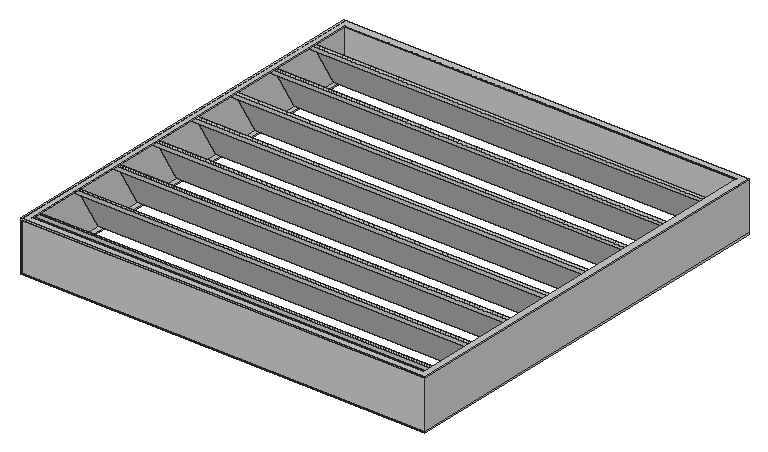
Revit family "Louver-Flanged_Frame-Carnes-Rectangular-J_Blade-FJJC", category Air Terminals, host Face, Revit 2012
Parameters (values of type "(See Type Catalog)")
  ecoScorecard_data = ""
  ecoScorecard Product Page = "http://ecoscorecard.com/"
  URL = "http://www.carnes.com/index.html"
  Symbol Blades Quantity [instance] = Louver Width / 3"  # 16
  Subcategory = "Louvers and Dampers"
  Specifications  URL = "http://www.carnes.com/Louvers/pdf/17146.pdf"
  Product Page URL = "http://www.carnes.com/Louvers/FFJC-FJJC.htm"
  Product Line = "\"J\" Blade Louvers"
  Pressure Drop = 0.00 Pa
  Point of Water Penetration = 896 FPM
  Outside Width = Louver Width Control + 3/4" * 2  # 49 1/2"
  Outside Height = Louver Height Control + 3/4" * 2  # 49 1/2"
  Model = "FJJC"
  Minimum Size = "8\"W x 12\"H"
  Meets Building Code Standards = "Licensed to bear the AMCA seal"
  Maximum Vertical Size = "96\"W x 72\"H"
  Maximum Size Note = "Larger Sizes made in multiple sections"
  Maximum Horinzontal Size = "96\"W x 72\"H"
  Manufacturer = "Carnes Company"
  Louver Width Control = if(Louver Width < 8", 8", if(Louver Width > 96", 96", Louver Width))  # 48"
  Louver Height Control = if(Louver Height < 12", 12", if(Louver Height > 72", 72", Louver Height))  # 48"
  Free Area Note = "See Spec Sheet URL"
  Free Area = 0.00 SF
  Description = "\"J\" Blade Louvers"
  Connector Description 1 = "Duct Connetor"
  Blades Quantity [instance] = (Louver Height Control - (Blade Offset from Frame - 3/4")) / 6"  # 8
  Manufacturer Phone = "608-845-6411"
  Manufacturer Fax = "608-845-6470"
  Manufacturer Email = "mailto:carnes@carnes.com"
  Manufacturer Address = "448 S. Main St., P. O. Box 930040, Verona, WI 53593-0040"
  Louver Width = 48"
  Louver Length = 6 1/8"
  Louver Height = 48"
  Blades Length [instance] = Louver Length - 1/2"  # 5 5/8"
  Frame Material = Steel - Carnes - Galvanized
  Default Elevation = 48"
  Cost Info = "mailto:carnes@carnes.com"
  Catalog URL = "http://www.carnes.com/Louvers/pdf/f14-15.pdf"
  Blades Width [instance] = Outside Width - 1" / 8 * 2  # 49 1/4"
  Blade Offset from Frame [instance] = 3 1/2"
  Blade Material = Steel - Carnes - Galvanized
  Assembly Code = "D3090700"
  Airflow = 0 CFM
  95 CSI = "10200"
  04 CSI = "08 91 00"
Reference planes (in)
  plane 1 "Center (Elevation)": y = 0
  plane 2: z = 0
  plane 3 "Center (Left/Right)": x = 0
  plane 4: z = -6.125
  plane 5: z = -0.125
  plane 6: z = -6
  plane 7: z = -3.0625
  plane 8: x = -24
  plane 9: x = 24
  plane 10: x = -24.75
  plane 11: x = 24.75
  plane 12: y = 24
  plane 13: y = -24
  plane 14: y = 24.75
  plane 15: y = -24.75
  plane 16 "Blade CL": y = 21.25
Forms (in)
  Extrusion 1, solid, material "Steel - Carnes - Galvanized" <- "Frame Material"
    sketch origin (0, 0, 0) x (1, 0, 0) y (0, 1, 0)
      loop
        line (-24.75, 24.75) -> (-24.75, -24.75) -> (24.75, -24.75) -> (24.75, 24.75) -> (-24.75, 24.75)
      loop
        line (-24, 24) -> (-24, -24) -> (24, -24) -> (24, 24) -> (-24, 24)
    from -0.125 to 0
  Extrusion 2, solid, material "Steel - Carnes - Galvanized" <- "Frame Material"
    sketch origin (0, 0, 0) x (1, 0, 0) y (0, 1, 0)
      loop
        line (-24.75, 24.75) -> (-24.75, -24.75) -> (24.75, -24.75) -> (24.75, 24.75) -> (-24.75, 24.75)
      loop
        line (-24, 24) -> (-24, -24) -> (24, -24) -> (24, 24) -> (-24, 24)
    from -6.125 to -6
  Extrusion 3, solid, material "Steel - Carnes - Galvanized" <- "Frame Material"
    sketch origin (0, 0, 0) x (1, 0, 0) y (0, 1, 0)
      loop
        line (-24.625, 24.625) -> (-24.625, -24.625) -> (24.625, -24.625) -> (24.625, 24.625) -> (-24.625, 24.625)
      loop
        line (-24.75, 24.75) -> (-24.75, -24.75) -> (24.75, -24.75) -> (24.75, 24.75) -> (-24.75, 24.75)
    from -6 to -0.125
Lines and regions (in)
  Masking region 1, detail levels medium+fine
    outline origin (0, 0, 0) x (1, 0, 0) y (0, 0, 1)
      loop
        line (24.75, 0) -> (-24.75, 0) -> (-24.75, -6.125) -> (24.75, -6.125) -> (24.75, 0)
  Masking region 2, detail levels medium+fine
    outline origin (0, 0, 0) x (1, 0, 0) y (0, 0, 1)
      loop
        line (24.75, 0) -> (24, 0) -> (24, -0.125) -> (24.625, -0.125) -> (24.625, -6) -> (24, -6) -> (24, -6.125) -> (24.75, -6.125) -> (24.75, 0)
      loop
        line (-24.75, 0) -> (-24.75, -6.125) -> (-24, -6.125) -> (-24, -6) -> (-24.625, -6) -> (-24.625, -0.125) -> (-24, -0.125) -> (-24, 0) -> (-24.75, 0)
  symbolic lines, detail levels fine
    curve 1: line (24, 0, -0.125) -> (-24, 0, -0.125)
    curve 2: line (24, 0, -6) -> (-24, 0, -6)
  symbolic lines
    curve 3: line (-24, 0, -0.34375) -> (-23.5625, 0, -0.34375)
    curve 4: line (-23.5625, 0, -0.34375) -> (-20.33652, 0, -5.78125)
    curve 5: line (-20.33652, 0, -5.78125) -> (-19.89902, 0, -5.78125)
    curve 6: line (19.89902, 0, -0.34375) -> (20.33652, 0, -0.34375)
    curve 7: line (20.33652, 0, -0.34375) -> (23.5625, 0, -5.78125)
    curve 8: line (23.5625, 0, -5.78125) -> (24, 0, -5.78125)
    curve 9: line (-21.0734, 0, -0.34375) -> (-20.6359, 0, -0.34375)
    curve 10: line (-20.6359, 0, -0.34375) -> (-17.40991, 0, -5.78125)
    curve 11: line (-17.40991, 0, -5.78125) -> (-16.97241, 0, -5.78125)
    curve 12: line (-18.1468, 0, -0.34375) -> (-17.7093, 0, -0.34375)
    curve 13: line (-17.7093, 0, -0.34375) -> (-14.48331, 0, -5.78125)
    curve 14: line (-14.48331, 0, -5.78125) -> (-14.04581, 0, -5.78125)
    curve 15: line (-15.2202, 0, -0.34375) -> (-14.7827, 0, -0.34375)
    curve 16: line (-14.7827, 0, -0.34375) -> (-11.55671, 0, -5.78125)
    curve 17: line (-11.55671, 0, -5.78125) -> (-11.11921, 0, -5.78125)
    curve 18: line (-12.2936, 0, -0.34375) -> (-11.8561, 0, -0.34375)
    curve 19: line (-11.8561, 0, -0.34375) -> (-8.63011, 0, -5.78125)
    curve 20: line (-8.63011, 0, -5.78125) -> (-8.19261, 0, -5.78125)
    curve 21: line (-9.36699, 0, -0.34375) -> (-8.92949, 0, -0.34375)
    curve 22: line (-8.92949, 0, -0.34375) -> (-5.70351, 0, -5.78125)
    curve 23: line (-5.70351, 0, -5.78125) -> (-5.26601, 0, -5.78125)
    curve 24: line (-6.44039, 0, -0.34375) -> (-6.00289, 0, -0.34375)
    curve 25: line (-6.00289, 0, -0.34375) -> (-2.77691, 0, -5.78125)
    curve 26: line (-2.77691, 0, -5.78125) -> (-2.33941, 0, -5.78125)
    curve 27: line (-3.51379, 0, -0.34375) -> (-3.07629, 0, -0.34375)
    curve 28: line (-3.07629, 0, -0.34375) -> (0.14969, 0, -5.78125)
    curve 29: line (0.14969, 0, -5.78125) -> (0.58719, 0, -5.78125)
    curve 30: line (-0.58719, 0, -0.34375) -> (-0.14969, 0, -0.34375)
    curve 31: line (-0.14969, 0, -0.34375) -> (3.07629, 0, -5.78125)
    curve 32: line (3.07629, 0, -5.78125) -> (3.51379, 0, -5.78125)
    curve 33: line (2.33941, 0, -0.34375) -> (2.77691, 0, -0.34375)
    curve 34: line (2.77691, 0, -0.34375) -> (6.00289, 0, -5.78125)
    curve 35: line (6.00289, 0, -5.78125) -> (6.44039, 0, -5.78125)
    curve 36: line (5.26601, 0, -0.34375) -> (5.70351, 0, -0.34375)
    curve 37: line (5.70351, 0, -0.34375) -> (8.92949, 0, -5.78125)
    curve 38: line (8.92949, 0, -5.78125) -> (9.36699, 0, -5.78125)
    curve 39: line (8.19261, 0, -0.34375) -> (8.63011, 0, -0.34375)
    curve 40: line (8.63011, 0, -0.34375) -> (11.8561, 0, -5.78125)
    curve 41: line (11.8561, 0, -5.78125) -> (12.2936, 0, -5.78125)
    curve 42: line (11.11921, 0, -0.34375) -> (11.55671, 0, -0.34375)
    curve 43: line (11.55671, 0, -0.34375) -> (14.7827, 0, -5.78125)
    curve 44: line (14.7827, 0, -5.78125) -> (15.2202, 0, -5.78125)
    curve 45: line (14.04581, 0, -0.34375) -> (14.48331, 0, -0.34375)
    curve 46: line (14.48331, 0, -0.34375) -> (17.7093, 0, -5.78125)
    curve 47: line (17.7093, 0, -5.78125) -> (18.1468, 0, -5.78125)
    curve 48: line (16.97241, 0, -0.34375) -> (17.40991, 0, -0.34375)
    curve 49: line (17.40991, 0, -0.34375) -> (20.6359, 0, -5.78125)
    curve 50: line (20.6359, 0, -5.78125) -> (21.0734, 0, -5.78125)
Dimensions and locks (in)
  equal spacing: plane 10, plane 3 "Center (Left/Right)", plane 11
  "Outside Width": plane 10 to plane 11
  equal spacing: plane 15, plane 1 "Center (Elevation)", plane 14
  "Outside Height": plane 15 to plane 14
  locked: plane 2 to plane 5 at 0.125
  locked: plane 6 to plane 4 at 0.125
  "Louver Length": plane 2 to plane 4
  equal spacing: plane 5, plane 7, plane 6
  "Blade Offset from Frame": plane 14 to plane 16 "Blade CL"
  locked: plane 10 to plane 8 at 0.75
  locked: plane 9 to plane 11 at 0.75
  locked: plane 14 to plane 12 at 0.75
  locked: plane 15 to plane 13 at 0.75
  locked: Masking region 2 sketch curve to plane 11 at 0.125
  locked: Extrusion 3 sketch curve to Extrusion 3 sketch curve at 0.125  (x4)
  equal spacing: group 1, group 2, group 11, group 12, group 13, group 14, group 15, group 16
  equal spacing: group 16, group 15, group 14, group 13, group 12, group 11, group 2, group 1  (x2)
  locked: nested 1 to nested 2 at 6
  curve 3 to plane 7 to curve 5 = 2 23/32" locked, 2 23/32" locked
  equal spacing: group 3, group 5, group 6, group 7, group 8, group 9, group 10, group 17, group 18, group 19, group 20, group 21, group 22, group 23, group 24, group 4  (x3)
  curve 9 to curve 11 = 5 7/16"
  curve 12 to curve 14 = 5 7/16"
  curve 15 to curve 17 = 5 7/16"
  curve 18 to curve 20 = 5 7/16"
  curve 21 to curve 23 = 5 7/16"
  curve 24 to curve 26 = 5 7/16"
  curve 27 to curve 29 = 5 7/16"
  curve 30 to curve 32 = 5 7/16"
  curve 33 to curve 35 = 5 7/16"
  curve 36 to curve 38 = 5 7/16"
  curve 39 to curve 41 = 5 7/16"
  curve 42 to curve 44 = 5 7/16"
  curve 45 to curve 47 = 5 7/16"
  curve 48 to curve 50 = 5 7/16"
  aligned and locked: plane 2 to host face
  aligned and locked: host face to level
  aligned and locked: plane 10 to Extrusion 1 sketch curve
  aligned and locked: Extrusion 1 sketch curve to plane 14
  aligned and locked: plane 15 to Extrusion 1 sketch curve
  aligned and locked: Extrusion 1 sketch curve to plane 11
  aligned and locked: plane 8 to Extrusion 1 sketch curve
  aligned and locked: Extrusion 1 sketch curve to plane 12
  aligned and locked: plane 13 to Extrusion 1 sketch curve
  aligned and locked: Extrusion 1 sketch curve to plane 9
  aligned and locked: Extrusion 1 to plane 5
  aligned and locked: plane 2 to Extrusion 1
  aligned and locked: Extrusion 2 sketch curve to Extrusion 1  (x6)
  aligned and locked: Extrusion 1 to Extrusion 2 sketch curve  (x2)
  aligned and locked: plane 6 to Extrusion 2
  aligned and locked: Extrusion 2 to plane 4
  aligned and locked: plane 5 to Extrusion 3
  aligned and locked: Extrusion 3 to plane 6
  aligned and locked: plane 11 to Masking region 1 sketch curve
  aligned and locked: Masking region 1 sketch curve to plane 2
  aligned and locked: plane 4 to Masking region 1 sketch curve
  aligned and locked: plane 10 to Masking region 1 sketch curve
  aligned and locked: Masking region 2 sketch curve to plane 11
  aligned and locked: plane 4 to Masking region 2 sketch curve
  aligned and locked: curve 1 to plane 5
  aligned and locked: curve 2 to plane 6
  aligned and locked: plane 2 to Masking region 2 sketch curve
  aligned and locked: Masking region 2 sketch curve to plane 5
  aligned and locked: plane 9 to Masking region 2 sketch curve
  aligned and locked: Masking region 2 sketch curve to plane 9
  aligned and locked: Masking region 2 sketch curve to plane 6
  aligned and locked: Masking region 2 sketch curve to plane 4
  aligned and locked: plane 8 to Masking region 2 sketch curve
  aligned and locked: plane 6 to Masking region 2 sketch curve
  aligned and locked: plane 5 to Masking region 2 sketch curve
  aligned and locked: Masking region 2 sketch curve to plane 8
  aligned and locked: Masking region 2 sketch curve to plane 2
  aligned and locked: plane 10 to Masking region 2 sketch curve
  aligned and locked: plane 8 to curve 1
  aligned and locked: plane 8 to curve 2
  aligned and locked: plane 9 to curve 1
  aligned and locked: plane 9 to curve 2
  aligned and locked: Extrusion 3 sketch curve to plane 10
  aligned and locked: Extrusion 3 sketch curve to plane 15
  aligned and locked: Extrusion 3 sketch curve to plane 14
  aligned and locked: Extrusion 3 sketch curve to plane 11
  aligned and locked: plane 3 "Center (Left/Right)" to nested 1
  aligned and locked: plane 7 to nested 1
  aligned and locked: nested 1 to plane 16 "Blade CL"
  aligned and locked: plane 9 to curve 8
  aligned and locked: plane 8 to curve 3
Automatic sketch dimensions
  host sketch curve to host sketch curve = 65.35482"
  host sketch curve to host sketch curve = 83.62101"
  plane 10 to Masking region 2 sketch curve = 1/8"
Nested families (in)
  nested 1: "Louver_Blade-Carnes" at (0, 21.25, -3.0625), type "Standard"
    with Width 49 1/4", Length 5 5/8"
  nested 2: "Louver_Blade-Carnes" at (0, 15.25, -3.06667), type "Standard"
    with Width 49 1/4", Length 5 5/8"
  nested 3: "Louver_Blade-Carnes" at (0, 9.25, -3.07083), type "Standard"
    with Width 49 1/4", Length 5 5/8"
  nested 4: "Louver_Blade-Carnes" at (0, 3.25, -3.075), type "Standard"
    with Width 49 1/4", Length 5 5/8"
  nested 5: "Louver_Blade-Carnes" at (0, -2.75, -3.07917), type "Standard"
    with Width 49 1/4", Length 5 5/8"
  nested 6: "Louver_Blade-Carnes" at (0, -8.75, -3.08333), type "Standard"
    with Width 49 1/4", Length 5 5/8"
  nested 7: "Louver_Blade-Carnes" at (0, -14.75, -3.0875), type "Standard"
    with Width 49 1/4", Length 5 5/8"
  nested 8: "Louver_Blade-Carnes" at (0, -20.75, -3.09167), type "Standard"
    with Width 49 1/4", Length 5 5/8"
Connectors (in)
  hvac at (0, 0, -6.125), driven by "Connector Description 1", driven by "Airflow", driven by "Pressure Drop", driven by "Louver Height Control", driven by "Louver Width Control"
    settings: on Extrusion 2, index 1, duct flow 0 CFM, flow factor 0, pres drop 0.00 Pa, loss coef 0, conn angle 0.00°, conn width 48", conn height 48", conn radius 12", duct sys type 29, conn prof type 1, flow config 0, flow direction 0, loss method 4, conn ref index -1, conn util no, is conn primary yes, conn desc "Duct Connetor"
Definition of nested family "Louver_Blade-Carnes"
  Parameters (values of type "Standard")
    Width = 12"
    Blade Material = none
    Length = 5 1/2"
    Assembly Code = ""
  Reference planes (in)
    plane 1 "Center (Front/Back)": y = 0
    plane 2: z = 0
    plane 3 "Center (Left/Right)": x = 0
    plane 4: y = 2
    plane 5: y = -2
    plane 6: z = 2.75
    plane 7: z = -2.75
    plane 8: x = -6
    plane 9: x = 6
  Forms (in)
    Sweep 1, solid, material <- "Blade Material"
      path origin (0, 0, 0) x (1, 0, 0) y (0, 1, 0)
        loop
          line (-6, 0) -> (6, 0)
      profile origin (0, 0, 0) x (0, 1, 0) y (0, 0, 1)
        loop
          line (-2, 2.75) -> (-2, 2.34375) -> (-1.9375, 2.34375) -> (-1.9375, 2.6875) -> (-1.60161, 2.6875) -> (-0.00915, 0.00388) -> (1.625, -2.75) -> (2, -2.75) -> (2, -2.34375) -> (1.9375, -2.34375) -> (1.9375, -2.6875) -> (1.66411, -2.6875) -> (0.10505, -0.06016) -> (-1.5625, 2.75) -> (-2, 2.75)
  Dimensions and locks (in)
    equal spacing: plane 4, plane 1 "Center (Front/Back)", plane 5
    locked: plane 4 to plane 5 at 4
    equal spacing: plane 7, plane 2, plane 6
    "Length": plane 7 to plane 6
    equal spacing: plane 8, plane 3 "Center (Left/Right)", plane 9
    "Width": plane 8 to plane 9
    locked: Sweep 1 sketch curve to Sweep 1 sketch curve at 0.0625  (x4)
    locked: Sweep 1 sketch curve to Sweep 1 sketch curve at 0.375
    locked: Sweep 1 sketch curve to Sweep 1 sketch curve at 0.4375
    locked: Sweep 1 sketch curve to Sweep 1 sketch curve at 0.06553  (x2)
    aligned and locked: plane 1 "Center (Front/Back)" to Sweep 1 sketch curve
    aligned and locked: plane 8 to Sweep 1 sketch curve
    aligned and locked: plane 9 to Sweep 1 sketch curve
    aligned and locked: plane 7 to Sweep 1 sketch curve
    aligned and locked: plane 4 to Sweep 1 sketch curve
    aligned and locked: plane 6 to Sweep 1 sketch curve
    aligned and locked: plane 5 to Sweep 1 sketch curve
    aligned and locked: Sweep 1 sketch curve to Sweep 1 sketch curve  (x2)
  Automatic sketch dimensions
    Sweep 1 sketch curve to Sweep 1 sketch curve = 11/32"  (x2)
    profile plane to Sweep 1 sketch curve = 0.00915"
    Sweep 1 sketch curve to profile plane = 0.10505"
